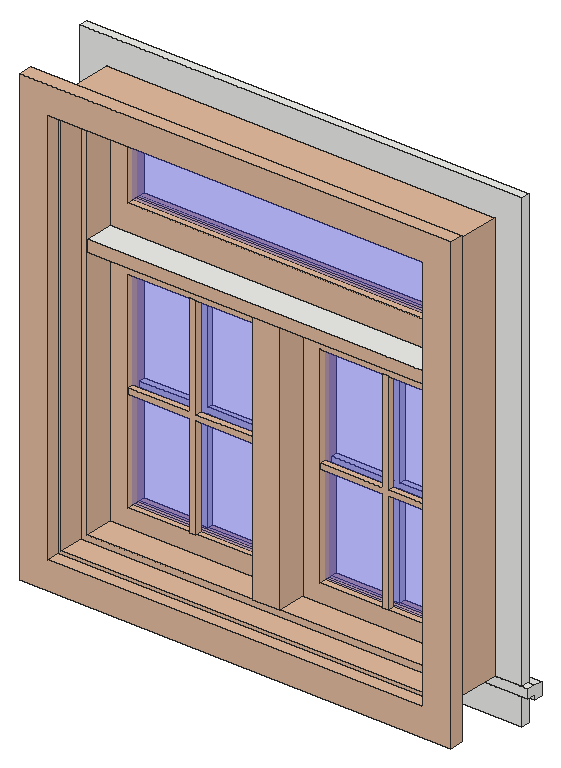
Revit family "M_Janela-batente-dupla-travessa", category Janelas, Revit 2019
Family settings
  Hospedeiro = Parede
  Número OmniClass = 23.30.20.17.21.14
  Título OmniClass = Casement Windows
  Sempre na vertical = Sim
  Corte com vazios quando carregada = Não
  Compartilhado = Não
  Ponto de cálculo do ambiente = Não
Parameters (values of type "850 x 900mm")
  Janela aplicada [instance] = 0 mm
  Espessura da parede [instance] = 150 mm
  Fechamento da parede interior [instance] = 54.75 mm
  Material da apara interior = Madeira – Manchada
  Meia largura = Largura / 2  # 425 mm
  Visual Light Transmittance = 0.81
  Altura da travessa = 300 mm
  Resistência térmica (R) = 0.319569 (m²·K)/W
  Solar Heat Gain Coefficient = 0.76
  Largura bruta = Largura + 15 mm  # 865 mm
  Altura bruta = Altura + 15 mm  # 915 mm
  Altura da janela aberta = Altura - Altura da travessa  # 600 mm
  Visibilidade do montante = yes
  Padrão do montante = M_Padrão do montante_2x2 : M_Padrão do montante_2x2
  Visibilidade do recorte interior [instance] = yes
  Recorte interior = M_Moldura-janela-interior-plana : Quadro
  Altura = 900 mm
  Material da moldura interior = Madeira – Manchada
  Coeficiente de transferência de calor (U) = 3.12929 W/(m²·K)
  Material do painel de vidro = Vidro
  Extensão do quadro [instance] = if(Visibilidade da apara externa, Janela aplicada + 6.35 mm, 6.35 mm)  # 6.35 mm
  Classificação de incêndio = "0.5h"
  Fechamento da parede externa [instance] = 31.75 mm
  Visibilidade da apara externa [instance] = yes
  Material da apara externa = Revestimento – Branco
  Apara externa = M_Recorte-Janela-Exterior-Plana : com peitoril
  Material da moldura exterior = Revestimento – Branco
  Visibilidade do umbral da extensão [instance] = and(Visibilidade do recorte interior, Espessura da parede - Janela aplicada > 95.25 mm)  # yes
  Umbral da extensão [instance] = if(Espessura da parede - Janela aplicada > 95.25 mm, Espessura da parede - Janela aplicada - 95.25 mm, 25.4 mm)  # 54.75 mm
  Altura-padrão do peitoril = 900 mm
  Fechamento da parede = Por hospedeiro
  Largura = 850 mm
  Código de montagem = "B2020100"
  Construção analítica = "Vidraça dupla – residencial"
Reference planes
  plane 1 "Centro (Frente/Trás)": y = 0
  plane 2: z = 0
  plane 3 "Centro (Esquerda/Direita)": x = 0
  plane 4 "Esquerda": x = -425
  plane 5 "Direita": x = 425
  plane 6 "Peitoril": z = 900
  plane 7 "Superior": z = 1800
  plane 8 "Inset Face": y = 75
  plane 9 "Fechamento da parede": y = -20.25
  plane 10 "Face do caixilho": y = 87.7
  plane 11 "Exterior": y = 75
  plane 12: x = 412.3
  plane 13: x = -412.3
  plane 14: z = 1787.3
  plane 15: z = 912.7
  plane 16: x = 355.15
  plane 17: x = -355.15
  plane 18: z = 1730.15
  plane 19: z = 969.85
  plane 20: x = 9.525
  plane 21: x = -9.525
  plane 22: y = 55.95
  plane 23 "Vidro": y = 65.475
  plane 24: y = 94.05
  plane 25: y = 94.05
  plane 26 "Interior": y = -75
  plane 27 "Umbral": y = -20.25
  plane 28: x = -30.163
  plane 29: x = 30.162
  plane 30: z = 1487.3
  plane 31: z = 1200
  plane 32: z = 1512.7
  plane 33 "Meio": z = 1350
  plane 34: z = 1430.15
  plane 35: x = 66.675
  plane 36: x = -66.675
  plane 37: y = -20.25
  plane 38: y = 43.25
  plane 39: z = 1500
  plane 40: y = 94.05
  plane 41: z = 1569.85
Forms (mm)
  Sweep 1, solid, material "Madeira – Manchada" <- "Material da moldura interior"
    path origin (0, 87.7, 0) x (-1, 0, 0) y (0, 0, 1)
      loop
        line (-425, 900) -> (425, 900) -> (425, 1800) -> (-425, 1800) -> (-425, 900)
    profile origin (425, 87.7, 1350) x (1, 0, 0) y (0, 1, 0)
      loop
        line (0, 6.35) -> (-12.7, 6.35) -> (-12.7, -44.45) -> (-31.75, -44.45) -> (-31.75, -107.95) -> (0, -107.95) -> (0, 6.35)
  Extrusion 2, solid, material "Madeira – Manchada" <- "Material da moldura interior", visible <- "Visibilidade do umbral da extensão"
    sketch origin (0, 0, 0) x (1, 0, 0) y (0, 0, 1)
      loop
        line (425, 1800) -> (-425, 1800) -> (-425, 900) -> (425, 900) -> (425, 1800)
      loop
        line (405.95, 919.05) -> (405.95, 1780.95) -> (-405.95, 1780.95) -> (-405.95, 919.05) -> (405.95, 919.05)
    from 20.25 to 75
  Sweep 3, solid, material "Madeira – Manchada" <- "Material da moldura interior"
    path origin (0, 87.7, 0) x (-1, 0, 0) y (0, 0, 1)
      loop
        line (-412.3, 1487.3) -> (-412.3, 912.7) -> (-9.525, 912.7) -> (-9.525, 1487.3) -> (-412.3, 1487.3)
    profile origin (412.3, 87.7, 1200) x (0, 1, 0) y (-1, 0, 0)
      loop
        line (0, 0) -> (0, 57.15) -> (-44.45, 57.15) -> (-44.45, 0) -> (0, 0)
  Sweep 4, solid, material "Madeira – Manchada" <- "Material da moldura interior"
    path origin (0, 87.7, 0) x (-1, 0, 0) y (0, 0, 1)
      loop
        line (9.525, 912.7) -> (412.3, 912.7) -> (412.3, 1487.3) -> (9.525, 1487.3) -> (9.525, 912.7)
    profile origin (-9.525, 87.7, 1200) x (1, 0, 0) y (0, 1, 0)
      loop
        line (0, 0) -> (-57.15, 0) -> (-57.15, -44.45) -> (0, -44.45) -> (0, 0)
  Extrusion 5, solid, material "Vidro"
    sketch origin (0, 0, 900) x (0, -1, 0) y (1, 0, 0)
      loop
        line (-75, 66.675) -> (-68.65, 66.675) -> (-68.65, 355.15) -> (-75, 355.15) -> (-75, 66.675)
      loop
        line (-55.95, 355.15) -> (-62.3, 355.15) -> (-62.3, 66.675) -> (-55.95, 66.675) -> (-55.95, 355.15)
    from 69.85 to 530.15
  Extrusion 6, solid, material "Vidro"
    sketch origin (-701.675, 0, 900) x (0, -1, 0) y (1, 0, 0)
      loop
        line (-75, 346.525) -> (-68.65, 346.525) -> (-68.65, 635) -> (-75, 635) -> (-75, 346.525)
      loop
        line (-55.95, 635) -> (-62.3, 635) -> (-62.3, 346.525) -> (-55.95, 346.525) -> (-55.95, 635)
    from 69.85 to 530.15
  Extrusion 7, solid, material "Madeira – Manchada" <- "Material da moldura interior"
    sketch origin (0, 0, 900) x (0, -1, 0) y (1, 0, 0)
      loop
        line (-94.05, -9.525) -> (-43.25, -9.525) -> (-43.25, -30.163) -> (20.25, -30.163) -> (20.25, 30.162) -> (-43.25, 30.162) -> (-43.25, 9.525) -> (-94.05, 9.525) -> (-94.05, -9.525)
    from 12.7 to 587.3
  Extrusion 8, void
    sketch origin (0, 0, 0) x (1, 0, 0) y (0, 0, 1)
      loop
        line (30.162, 931.75) -> (-30.163, 931.75) -> (-30.163, 912.7) -> (30.162, 912.7) -> (30.162, 931.75)
      loop
        line (30.162, 1768.25) -> (30.162, 1787.3) -> (-30.163, 1787.3) -> (-30.163, 1768.25) -> (30.162, 1768.25)
    from -43.25 to 20.25
  Extrusion 9, solid, material "Vidro" <- "Material do painel de vidro"
    sketch origin (0, 0, 900) x (0, -1, 0) y (1, 0, 0)
      loop
        line (-75, -355.15) -> (-68.65, -355.15) -> (-68.65, 355.15) -> (-75, 355.15) -> (-75, -355.15)
      loop
        line (-55.95, 355.15) -> (-62.3, 355.15) -> (-62.3, -355.15) -> (-55.95, -355.15) -> (-55.95, 355.15)
    from 669.85 to 830.15
  Extrusion 10, solid, material "Revestimento – Branco" <- "Material da moldura exterior"
    sketch origin (0, 0, 900) x (0, -1, 0) y (1, 0, 0)
      loop
        line (-94.05, -412.3) -> (-43.25, -412.3) -> (-43.25, -393.25) -> (20.25, -393.25) -> (20.25, 393.25) -> (-43.25, 393.25) -> (-43.25, 412.3) -> (-94.05, 412.3) -> (-94.05, -412.3)
    from 587.3 to 612.7
  Sweep 11, solid, material "Madeira – Manchada" <- "Material da moldura interior"
    path origin (-771.674, 87.7, 1219.2) x (-1, 0, 0) y (0, 0, 1)
      loop
        line (-1183.974, 293.5) -> (-359.374, 293.5) -> (-359.374, 568.1) -> (-1183.974, 568.1) -> (-1183.974, 293.5)
    profile origin (412.3, 87.7, 1650) x (1, 0, 0) y (0, 1, 0)
      loop
        line (0, 0) -> (-57.15, 0) -> (-57.15, -44.45) -> (0, -44.45) -> (0, 0)
Cuts and joins
  Extrusion 8 cuts Extrusion 7
Lines and regions (mm)
  Opening 1
    outline origin (-1524, -75, 0) x (1, 0, 0) y (0, 0, 1)
      loop
        line (1099, 1800) -> (1099, 900) -> (1949, 900) -> (1949, 1800) -> (1099, 1800)
  Split face 1
    outline origin (355.15, 87.7, 969.85) x (-1, 0, 0) y (0, -1, 0)
      loop
        line (288.475, 12.7) -> (0, 12.7)
  Split face 2
    outline origin (355.15, 87.7, 1430.15) x (0, 0, -1) y (0, -1, 0)
      loop
        line (0, 12.7) -> (460.3, 12.7)
  Split face 3
    outline origin (66.675, 87.7, 969.85) x (0, 0, 1) y (0, -1, 0)
      loop
        line (460.3, 12.7) -> (0, 12.7)
  Split face 4
    outline origin (66.675, 87.7, 1430.15) x (0, -1, 0) y (1, 0, 0)
      loop
        line (12.7, 0) -> (12.7, 288.475)
  Split face 5
    outline origin (-355.15, 43.25, 969.85) x (1, 0, 0) y (0, 1, 0)
      loop
        line (0, 31.75) -> (288.475, 31.75)
  Split face 6
    outline origin (-66.675, 43.25, 969.85) x (0, 0, 1) y (0, 1, 0)
      loop
        line (460.3, 31.75) -> (0, 31.75)
  Split face 7
    outline origin (-355.15, 43.25, 1430.15) x (0, 0, -1) y (0, 1, 0)
      loop
        line (460.3, 31.75) -> (0, 31.75)
  Split face 8
    outline origin (-66.675, 43.25, 1430.15) x (0, 1, 0) y (-1, 0, 0)
      loop
        line (31.75, 288.475) -> (31.75, 0)
  Split face 9
    outline origin (0, 0, 1512.7) x (0, -1, 0) y (1, 0, 0)
      loop
        line (-55.95, 412.3) -> (-55.95, -412.3)
  Split face 10
    outline origin (0, 0, 1487.3) x (0, -1, 0) y (1, 0, 0)
      loop
        line (-87.7, -412.3) -> (-87.7, 412.3)
  Split face 11
    outline origin (-355.15, 43.25, 1730.15) x (0, 0, -1) y (0, 1, 0)
      loop
        line (160.3, 31.75) -> (0, 31.75)
  Split face 12
    outline origin (355.15, 43.25, 1730.15) x (0, 1, 0) y (-1, 0, 0)
      loop
        line (31.75, 0) -> (31.75, 710.3)
  Split face 13
    outline origin (355.15, 43.25, 1569.85) x (0, 0, 1) y (0, 1, 0)
      loop
        line (160.3, 31.75) -> (0, 31.75)
  Split face 14
    outline origin (-355.15, 43.25, 1569.85) x (1, 0, 0) y (0, 1, 0)
      loop
        line (0, 31.75) -> (710.3, 31.75)
  symbolic lines, style "Giro da elevação"
    curve 1: line (9.525, 0, 1487.3) -> (412.3, 0, 1193.65)
    curve 2: line (412.3, 0, 1193.65) -> (9.525, 0, 912.7)
    curve 3: line (-9.525, 0, 1487.3) -> (-412.3, 0, 1193.65)
    curve 4: line (-412.3, 0, 1193.65) -> (-9.525, 0, 912.7)
Text (mm)
  text "EXTERIOR" at (-1490.695, 1293.036, 0), in view "Nível de referência"
  text "INTERIOR" at (-1490.695, -959.266, 0), in view "Nível de referência"
  text "Exterior" at (0, 1108.87, 3129.179), in view "Esquerda"
  text "Exterior" at (0, 464.664, 3176.206), in view "Direita"
Dimensions and locks
  equal spacing: plane 4 "Esquerda", plane 3 "Centro (Esquerda/Direita)", plane 5 "Direita"
  "Largura": plane 4 "Esquerda" to plane 5 "Direita"
  "Altura": plane 6 "Peitoril" to plane 7 "Superior"
  "Altura-padrão do peitoril": plane 2 to plane 6 "Peitoril"
  locked: plane 10 "Face do caixilho" to plane 8 "Inset Face" at 12.7
  "Espessura da parede": host wall to host wall
  "Janela aplicada": plane 11 "Exterior" to plane 8 "Inset Face"
  locked: Sweep 1 sketch curve to plane 5 "Direita" at 31.75
  locked: Sweep 1 sketch curve to plane 5 "Direita" at 12.7
  locked: plane 10 "Face do caixilho" to Sweep 1 sketch curve at 44.45
  locked: plane 12 to plane 5 "Direita" at 12.7
  locked: plane 4 "Esquerda" to plane 13 at 12.7
  locked: plane 14 to plane 7 "Superior" at 12.7
  locked: plane 6 "Peitoril" to plane 15 at 12.7
  locked: plane 16 to plane 12 at 57.15
  locked: plane 13 to plane 17 at 57.15
  locked: plane 18 to plane 14 at 57.15
  locked: plane 15 to plane 19 at 57.15
  locked: Extrusion 2 sketch curve to plane 7 "Superior" at 19.05
  locked: Extrusion 2 sketch curve to plane 5 "Direita" at 19.05
  locked: Extrusion 2 sketch curve to plane 4 "Esquerda" at 19.05
  locked: plane 6 "Peitoril" to Extrusion 2 sketch curve at 19.05
  equal spacing: plane 21, plane 3 "Centro (Esquerda/Direita)", plane 20
  locked: plane 21 to plane 20 at 19.05
  plane 22 to Sweep 3 = 12.7 mm
  equal spacing: plane 8 "Inset Face", plane 23 "Vidro", plane 22
  locked: plane 8 "Inset Face" to plane 22 at 19.05
  locked: plane 24 to plane 11 "Exterior" at 19.05
  locked: plane 25 to plane 10 "Face do caixilho" at 6.35
  "Umbral da extensão": plane 27 "Umbral" to plane 26 "Interior"
  locked: plane 8 "Inset Face" to plane 9 "Fechamento da parede" at 95.25
  equal spacing: plane 28, plane 3 "Centro (Esquerda/Direita)", plane 29
  locked: plane 28 to plane 29 at 60.325
  Extrusion 2 to Extrusion 8 = 887.3 mm
  plane 30 to plane 32 = 25.4 mm
  equal spacing: plane 6 "Peitoril", plane 33 "Meio", plane 7 "Superior"
  equal spacing: plane 19, plane 31, plane 34
  locked: plane 34 to plane 30 at 57.15
  locked: plane 29 to plane 35 at 36.512
  locked: plane 28 to plane 36 at 36.513
  "Fechamento da parede interior": plane 37 to plane 26 "Interior"
  "Fechamento da parede externa": plane 11 "Exterior" to plane 38
  equal spacing: plane 30, plane 39, plane 32
  "Altura da travessa": plane 39 to plane 7 "Superior"
  "Extensão do quadro": plane 40 to plane 10 "Face do caixilho"
  locked: plane 10 "Face do caixilho" to Sweep 11 sketch curve at 44.45
  locked: plane 32 to plane 41 at 57.15
  aligned and locked: plane 7 "Superior" to Opening 1 sketch curve
  aligned and locked: plane 6 "Peitoril" to Opening 1 sketch curve  (x2)
  aligned and locked: plane 5 "Direita" to Opening 1 sketch curve
  aligned and locked: plane 4 "Esquerda" to Opening 1 sketch curve
  aligned and locked: level to plane 2
  aligned and locked: host wall to plane 11 "Exterior"
  aligned and locked: plane 5 "Direita" to Sweep 1 sketch curve
  aligned and locked: plane 7 "Superior" to Sweep 1 sketch curve
  aligned and locked: Sweep 1 sketch curve to plane 4 "Esquerda"
  aligned and locked: Sweep 1 sketch curve to plane 6 "Peitoril"
  aligned and locked: Extrusion 2 sketch curve to host wall  (x3)
  aligned and locked: plane 7 "Superior" to Extrusion 2 sketch curve
  aligned and locked: host wall to Extrusion 2
  aligned and locked: Sweep 3 sketch curve to plane 12  (x2)
  aligned and locked: Sweep 3 sketch curve to plane 15
  aligned and locked: plane 16 to Sweep 3 sketch curve
  aligned and locked: plane 20 to Sweep 3 sketch curve
  aligned and locked: plane 21 to Sweep 4 sketch curve
  aligned and locked: plane 15 to Sweep 4 sketch curve
  aligned and locked: Sweep 4 sketch curve to plane 13
  aligned and locked: Split face 1 sketch curve to plane 8 "Inset Face"
  aligned and locked: plane 8 "Inset Face" to Split face 2 sketch curve
  aligned and locked: plane 8 "Inset Face" to Split face 3 sketch curve
  aligned and locked: Split face 4 sketch curve to plane 8 "Inset Face"
  aligned and locked: Extrusion 5 sketch curve to plane 8 "Inset Face"
  aligned and locked: plane 16 to Extrusion 5 sketch curve
  aligned and locked: Sweep 3 to Extrusion 5 sketch curve
  aligned and locked: Extrusion 5 sketch curve to plane 22
  aligned and locked: Extrusion 5 sketch curve to plane 16
  aligned and locked: Extrusion 5 sketch curve to Sweep 3
  aligned and locked: Extrusion 5 to plane 19
  aligned and locked: Extrusion 6 sketch curve to plane 8 "Inset Face"
  aligned and locked: plane 22 to Extrusion 6 sketch curve
  aligned and locked: Sweep 4 to Extrusion 6 sketch curve  (x2)
  aligned and locked: Extrusion 6 sketch curve to plane 17  (x2)
  aligned and locked: plane 19 to nested 1
  aligned and locked: nested 2 to plane 19
  aligned and locked: plane 15 to curve 2
  aligned and locked: plane 15 to curve 4
  aligned and locked: Split face 5 sketch curve to Extrusion 6
  aligned and locked: plane 8 "Inset Face" to Split face 6 sketch curve
  aligned and locked: Split face 7 sketch curve to plane 8 "Inset Face"
  aligned and locked: Split face 8 sketch curve to plane 8 "Inset Face"
  aligned and locked: plane 26 "Interior" to host wall
  aligned and locked: plane 27 "Umbral" to Extrusion 2
  aligned and locked: plane 9 "Fechamento da parede" to Sweep 1
  aligned and locked: Extrusion 7 sketch curve to plane 25
  aligned and locked: Extrusion 7 to Sweep 1
  aligned and locked: Sweep 1 to Extrusion 8 sketch curve
  aligned and locked: plane 29 to Extrusion 8 sketch curve
  aligned and locked: Extrusion 8 sketch curve to Extrusion 7
  aligned and locked: Extrusion 7 to Extrusion 8 sketch curve
  aligned and locked: Extrusion 8 to Sweep 1
  aligned and locked: Sweep 1 to Extrusion 8
  aligned and locked: plane 9 "Fechamento da parede" to Extrusion 7 sketch curve
  aligned and locked: nested 3 to plane 5 "Direita"
  aligned and locked: nested 3 to plane 11 "Exterior"
  aligned and locked: plane 30 to Sweep 3 sketch curve
  aligned and locked: Sweep 4 sketch curve to plane 30
  aligned and locked: Extrusion 5 to Sweep 3
  aligned and locked: Extrusion 6 to Sweep 3
  aligned and locked: plane 30 to cut or joined group of Extrusion 7, Extrusion 8
  aligned and locked: curve 1 to Sweep 3
  aligned and locked: curve 3 to Sweep 4
  aligned and locked: plane 12 to curve 2
  aligned and locked: plane 13 to curve 4
  aligned and locked: plane 34 to Sweep 3
  aligned and locked: plane 34 to Sweep 4
  aligned and locked: Extrusion 5 to plane 34
  aligned and locked: Extrusion 6 to plane 34
  aligned and locked: plane 13 to Extrusion 10 sketch curve
  aligned and locked: plane 12 to Extrusion 10 sketch curve
  aligned and locked: plane 32 to Extrusion 10
  aligned and locked: Extrusion 10 to Sweep 3
  aligned and locked: Extrusion 10 sketch curve to nested 3
  aligned and locked: plane 22 to Split face 9 sketch curve
  aligned and locked: plane 12 to Split face 9 sketch curve
  aligned and locked: plane 13 to Split face 9 sketch curve
  aligned and locked: Split face 10 sketch curve to plane 10 "Face do caixilho"
  aligned and locked: plane 12 to Split face 10 sketch curve
  aligned and locked: plane 13 to Split face 10 sketch curve
  aligned and locked: profile plane to Sweep 3 sketch curve
  aligned and locked: Sweep 4 sketch curve to plane 21
  aligned and locked: plane 10 "Face do caixilho" to Sweep 4 sketch curve
  aligned and locked: profile plane to plane 21
  aligned and locked: Extrusion 9 sketch curve to plane 8 "Inset Face"
  aligned and locked: Extrusion 10 sketch curve to plane 25
  aligned and locked: nested 4 to plane 4 "Esquerda"
  aligned and locked: nested 4 to plane 11 "Exterior"
  aligned and locked: plane 6 "Peitoril" to nested 3
  aligned and locked: plane 3 "Centro (Esquerda/Direita)" to nested 5
  aligned and locked: nested 5 to plane 11 "Exterior"
  aligned and locked: nested 5 to plane 7 "Superior"
  aligned and locked: plane 6 "Peitoril" to nested 4
  aligned and locked: nested 1 to plane 23 "Vidro"
  aligned and locked: plane 23 "Vidro" to nested 2
  aligned and locked: nested 2 to plane 16
  aligned and locked: nested 1 to plane 17
  aligned and locked: nested 2 to plane 35
  aligned and locked: nested 1 to plane 36
  aligned and locked: plane 7 "Superior" to nested 6
  aligned and locked: nested 6 to plane 3 "Centro (Esquerda/Direita)"
  aligned and locked: plane 7 "Superior" to nested 7
  aligned and locked: plane 3 "Centro (Esquerda/Direita)" to nested 7
  aligned and locked: plane 34 to nested 2
  aligned and locked: nested 1 to plane 34
  aligned and locked: plane 40 to Sweep 1 sketch curve
  aligned and locked: Sweep 11 sketch curve to plane 14
  aligned and locked: plane 12 to Sweep 11 sketch curve
  aligned and locked: plane 32 to Sweep 11 sketch curve
  aligned and locked: plane 10 "Face do caixilho" to Sweep 11 sketch curve
  aligned and locked: plane 16 to Sweep 11 sketch curve
  aligned and locked: Sweep 11 sketch curve to plane 12
  aligned and locked: plane 16 to Extrusion 9 sketch curve  (x2)
  aligned and locked: Sweep 11 sketch curve to plane 13
  aligned and locked: Extrusion 9 sketch curve to plane 17  (x2)
  aligned and locked: plane 18 to Extrusion 9
  aligned and locked: Extrusion 9 to plane 41
  aligned and locked: plane 8 "Inset Face" to Split face 11 sketch curve
  aligned and locked: plane 8 "Inset Face" to Split face 12 sketch curve
  aligned and locked: Split face 13 sketch curve to plane 8 "Inset Face"
  aligned and locked: Split face 14 sketch curve to plane 8 "Inset Face"
Automatic sketch dimensions
  Sweep 1 sketch curve to profile plane = 0 mm
  Sweep 1 sketch curve to Sweep 1 sketch curve = 63.5 mm
  Sweep 3 sketch curve to plane 10 "Face do caixilho" = 44.45 mm
  profile plane to Sweep 4 sketch curve = 57.15 mm
  Sweep 4 sketch curve to plane 10 "Face do caixilho" = 44.45 mm
  Split face 1 sketch curve to Sweep 3 = 0 mm  (x2)
  Sweep 3 to Split face 2 sketch curve = 0 mm
  Split face 2 sketch curve to Sweep 3 = 0 mm
  Split face 3 sketch curve to Sweep 3 = 0 mm
  Sweep 3 to Split face 3 sketch curve = 0 mm
  Split face 4 sketch curve to Sweep 3 = 0 mm  (x2)
  plane 23 "Vidro" to Extrusion 5 sketch curve = 3.175 mm
  Extrusion 5 sketch curve to plane 23 "Vidro" = 3.175 mm
  plane 23 "Vidro" to Extrusion 6 sketch curve = 3.175 mm
  Extrusion 6 sketch curve to plane 23 "Vidro" = 3.175 mm
  plane 21 to curve 4 = 0 mm
  plane 20 to curve 2 = 0 mm
  curve 3 to plane 30 = 0 mm
  curve 1 to plane 30 = 0 mm
  curve 2 to plane 31 = 6.35 mm
  curve 4 to plane 31 = 6.35 mm
  Split face 5 sketch curve to Sweep 4 = 0 mm  (x2)
  Split face 6 sketch curve to Sweep 4 = 0 mm
  Sweep 4 to Split face 6 sketch curve = 0 mm
  Sweep 4 to Split face 7 sketch curve = 0 mm
  Split face 7 sketch curve to Sweep 4 = 0 mm
  Split face 8 sketch curve to Sweep 4 = 0 mm  (x2)
  Extrusion 7 sketch curve to plane 28 = 0 mm
  Extrusion 7 sketch curve to plane 21 = 0 mm
  Extrusion 7 sketch curve to plane 20 = 0 mm
  Extrusion 7 sketch curve to plane 29 = 0 mm
  Extrusion 7 sketch curve to plane 22 = 12.7 mm  (x2)
  Extrusion 8 sketch curve to plane 14 = 0 mm
  Extrusion 8 sketch curve to plane 28 = 0 mm
  Extrusion 8 sketch curve to plane 29 = 0 mm
  Extrusion 8 sketch curve to Extrusion 8 sketch curve = 19.05 mm
  Extrusion 9 sketch curve to plane 22 = 0 mm
  plane 23 "Vidro" to Extrusion 9 sketch curve = 3.175 mm
  Extrusion 9 sketch curve to plane 23 "Vidro" = 3.175 mm
  Extrusion 10 sketch curve to plane 9 "Fechamento da parede" = 0 mm
  Extrusion 10 sketch curve to plane 22 = 12.7 mm  (x2)
  Extrusion 10 sketch curve to Extrusion 10 sketch curve = 19.05 mm
  Sweep 11 to Split face 11 sketch curve = 0 mm
  Split face 11 sketch curve to Sweep 11 = 0 mm
  Split face 12 sketch curve to Sweep 11 = 0 mm  (x2)
  Split face 13 sketch curve to Sweep 11 = 0 mm
  Sweep 11 to Split face 13 sketch curve = 0 mm
  Split face 14 sketch curve to Sweep 11 = 0 mm  (x2)
Nested families
  nested 1: "M_Padrão do montante_2x2" at (-210.913, 65.475, 969.85), type <- "Padrão do montante", Material externo <- "Material da moldura exterior", Material interior <- "Material da moldura interior", visible <- "Visibilidade do montante", type "M_Padrão do montante_2x2"
    with Largura 288.475 mm, Material interior Madeira – Manchada, Altura 460.3 mm, Material externo Revestimento – Branco
  nested 2: "M_Padrão do montante_2x2" at (210.912, 65.475, 969.85) x (-1, 0, 0) z (0, 0, 1), type <- "Padrão do montante", Material externo <- "Material da moldura exterior", Material interior <- "Material da moldura interior", visible <- "Visibilidade do montante", type "M_Padrão do montante_2x2"
    with Largura 288.475 mm, Material interior Madeira – Manchada, Altura 460.3 mm, Material externo Revestimento – Branco
  nested 3: "M_Plano-Batente" at (212.5, 75, 900), Largura <- "Meia largura", Espessura da parede <- "Espessura da parede", Altura <- "Altura da janela aberta", Janela aplicada <- "Janela aplicada", type "M_Plano-Batente"
    with Janela aplicada de 3D 0 mm, Janela aplicada 0 mm, Largura 425 mm, Espessura da parede 150 mm, Linha superior no, Linha à direita yes, RH yes, Linha à esquerda no, LH no, Altura 600 mm, Linha inferior yes
  nested 4: "M_Plano-Batente" at (-212.5, 75, 900), Janela aplicada <- "Janela aplicada", Largura <- "Meia largura", Altura <- "Altura da janela aberta", Espessura da parede <- "Espessura da parede", type "M_Plano-Batente"
    with Janela aplicada de 3D 0 mm, Janela aplicada 0 mm, Largura 425 mm, Espessura da parede 150 mm, Linha superior no, Linha à direita no, RH no, Linha à esquerda yes, LH yes, Altura 600 mm, Linha inferior yes
  nested 5: "M_Plana-fixa_simples" at (0, 75, 1500), Janela aplicada <- "Janela aplicada", Largura <- "Largura", Altura <- "Altura da travessa", Espessura da parede <- "Espessura da parede", type "M_Plana-fixa_simples"
    with Janela aplicada de 3D 0 mm, Janela aplicada 0 mm, Largura 850 mm, Espessura da parede 150 mm, Linha superior yes, Linha à direita yes, Linha à esquerda yes, Altura 300 mm, Linha inferior no
  nested 6: "M_Recorte-Janela-Exterior-Plana" at (0, 75, 1800) x (-1, 0, 0) z (0, 1, 0), visible <- "Visibilidade da apara externa", Material da apara <- "Material da apara externa", Largura da abertura <- "Largura", Altura da abertura <- "Altura", type <- "Apara externa", type "com peitoril"
    with Material da apara Revestimento – Branco, Largura da abertura 850 mm, Altura da abertura 900 mm
  nested 7: "M_Moldura-janela-interior-plana" at (0, -75, 1800) x (1, 0, 0) z (0, -1, 0), visible <- "Visibilidade do recorte interior", Material da apara <- "Material da apara interior", Largura da abertura <- "Largura", Altura da abertura <- "Altura", type <- "Recorte interior", type "Quadro"
    with Material da apara Madeira – Manchada, Largura da abertura 850 mm, Altura da abertura 900 mm
Definition of nested family "M_Padrão do montante_2x2"
  Parameters (values of type "M_Padrão do montante_2x2")
    Largura [instance] = 1200 mm
    Espessura = 12.7 mm
    Altura [instance] = 1200 mm
    Material interior [instance] = none
    Material externo [instance] = none
    Distância = 19.05 mm
  Reference planes
    plane 1 "Centro (Frente/Trás)": y = 0
    plane 2: z = 0
    plane 3 "Centro (Esquerda/Direita)": x = 0
    plane 4: z = 1200
    plane 5: x = -600
    plane 6: x = 600
    plane 7: z = 600
    plane 8: y = 9.525
    plane 9: y = 22.225
    plane 10: y = -9.525
    plane 11: y = -22.225
  Forms (mm)
    Extrusion 1, solid, material <- "Material interior", detail levels fine
      sketch origin (0, 0, 0) x (1, 0, 0) y (0, 0, 1)
        loop
          line (-600, 606.35) -> (-600, 593.65) -> (-6.35, 593.65) -> (-6.35, 0) -> (6.35, 0) -> (6.35, 593.65) -> (600, 593.65) -> (600, 606.35) -> (6.35, 606.35) -> (6.35, 1200) -> (-6.35, 1200) -> (-6.35, 606.35) -> (-600, 606.35)
      from 9.525 to 22.225
    Extrusion 2, solid, material <- "Material externo", detail levels fine
      sketch origin (0, 0, 0) x (1, 0, 0) y (0, 0, -1)
        loop
          line (-600, -606.35) -> (-6.35, -606.35) -> (-6.35, -1200) -> (6.35, -1200) -> (6.35, -606.35) -> (600, -606.35) -> (600, -593.65) -> (6.35, -593.65) -> (6.35, 0) -> (-6.35, 0) -> (-6.35, -593.65) -> (-600, -593.65) -> (-600, -606.35)
      from 9.525 to 22.225
  Lines and regions (mm)
    model lines, detail levels medium
      curve 1: line (0, 9.525, 1200) -> (0, 9.525, 0)
      curve 2: line (-600, -9.525, 600) -> (600, -9.525, 600)
      curve 3: line (-600, 9.525, 600) -> (600, 9.525, 600)
      curve 4: line (0, -9.525, 1200) -> (0, -9.525, 0)
  Dimensions and locks
    equal spacing: plane 6, plane 3 "Centro (Esquerda/Direita)", plane 5
    "Largura": plane 6 to plane 5
    "Altura": plane 4 to plane 2
    equal spacing: plane 4, plane 7, plane 2
    locked: plane 3 "Centro (Esquerda/Direita)" to Extrusion 1 sketch curve at 6.35  (x4)
    locked: Extrusion 1 sketch curve to plane 7 at 6.35  (x2)
    locked: plane 7 to Extrusion 1 sketch curve at 6.35  (x2)
    "Espessura": plane 9 to plane 8
    "Espessura": plane 10 to plane 11
    "Distância": plane 8 to plane 10
    equal spacing: plane 8, plane 1 "Centro (Frente/Trás)", plane 10
    aligned and locked: plane 2 to level
    aligned and locked: plane 4 to curve 1
    aligned and locked: plane 5 to curve 2
    aligned and locked: plane 2 to curve 1
    aligned and locked: plane 6 to curve 2
    aligned and locked: Extrusion 1 sketch curve to plane 4
    aligned and locked: Extrusion 1 sketch curve to plane 6
    aligned and locked: Extrusion 1 sketch curve to plane 5
    aligned and locked: Extrusion 1 sketch curve to level
    aligned and locked: Extrusion 1 to plane 11
    aligned and locked: plane 10 to Extrusion 1
    aligned and locked: Extrusion 2 to plane 5
    aligned and locked: plane 6 to Extrusion 2
    aligned and locked: Extrusion 2 to plane 8
    aligned and locked: plane 9 to Extrusion 2
    aligned and locked: Extrusion 2 to plane 2
    aligned and locked: plane 4 to Extrusion 2
    aligned and locked: plane 5 to curve 3
    aligned and locked: plane 6 to curve 3
    aligned and locked: plane 4 to curve 4
    aligned and locked: plane 2 to curve 4
    aligned and locked: plane 8 to curve 3
  Automatic sketch dimensions
    curve 2 to plane 7 = 0 mm
    Extrusion 2 sketch curve to plane 5 = 0 mm
    Extrusion 2 sketch curve to level = 0 mm
    Extrusion 2 sketch curve to plane 4 = 0 mm
    Extrusion 2 sketch curve to plane 6 = 0 mm
    Extrusion 2 sketch curve to plane 3 "Centro (Esquerda/Direita)" = 6.35 mm  (x2)
    plane 3 "Centro (Esquerda/Direita)" to Extrusion 2 sketch curve = 6.35 mm  (x2)
    plane 7 to Extrusion 2 sketch curve = 6.35 mm  (x2)
    Extrusion 2 sketch curve to plane 7 = 6.35 mm  (x2)
    curve 4 to plane 3 "Centro (Esquerda/Direita)" = 0 mm
    curve 4 to level = 0 mm
    curve 4 to plane 4 = 0 mm
    curve 3 to plane 6 = 0 mm
    curve 1 to plane 3 "Centro (Esquerda/Direita)" = 0 mm
    curve 3 to plane 5 = 0 mm
    curve 3 to plane 7 = 0 mm
Definition of nested family "M_Recorte-Janela-Exterior-Plana"
  Parameters (values of type "com peitoril")
    Largura da apara = 60 mm
    Espessura da apara_Quadro = 30 mm
    Espessura da apara_com peitoril = 19.05 mm
    Material da apara [instance] = none
    Espessura do peitoril = 30 mm
    Peitoril = yes
    Quadro = no
    Largura da abertura [instance] = 600 mm
    Altura da abertura [instance] = 900 mm
    Default Elevation = 1200 mm
  Types (2, lengths in mm): name | Peitoril | Quadro
    com peitoril | yes | no
    Quadro | no | yes
  Reference planes
    plane 1 "Centro (Frente/Trás)": y = 0
    plane 2: z = 0
    plane 3 "Centro (Esquerda/Direita)": x = 0
    plane 4: y = 60
    plane 5 "Esquerda": x = -300
    plane 6 "Direita": x = 300
    plane 7 "Inferior": y = -900
    plane 8: y = -930
    plane 9: y = -980.432
    plane 10: x = 360
    plane 11: x = -360
    plane 12: z = 19.05
    plane 13: z = 30
    plane 14: x = 372.7
    plane 15: x = -372.7
    plane 16: y = -920.432
    plane 17: y = -960
    plane 18: z = 12.7
    plane 19: y = -450
    plane 20: z = 38.1
  Forms (mm)
    Extrusion 1, solid
      sketch origin (0, 0, 0) x (1, 0, 0) y (0, 1, 0)
        loop
          line (-361.95, 57.15) -> (-361.95, -993.732) -> (361.95, -993.732) -> (361.95, 57.15) -> (-361.95, 57.15)
      from 0 to -304.8
    Extrusion 2, solid, material <- "Material da apara", visible <- "Peitoril"
      sketch origin (0, 0, 0) x (1, 0, 0) y (0, 1, 0)
        loop
          line (-360, -900) -> (-300, -900) -> (-300, 0) -> (300, 0) -> (300, -900) -> (360, -900) -> (360, 60) -> (-360, 60) -> (-360, -900)
      from 0 to 19.05
    Extrusion 3, solid, material <- "Material da apara", visible <- "Peitoril"
      sketch origin (0, 0, 0) x (0, 1, 0) y (0, 0, 1)
        loop
          line (-902.458, 38.1) -> (-930, 38.1) -> (-930, 19.05) -> (-920.432, 19.05) -> (-920.432, 0) -> (-900, 0) -> (-900, 19.05) -> (-902.458, 38.1)
      from -372.7 to 372.7
    Extrusion 4, solid, material <- "Material da apara", visible <- "Peitoril"
      sketch origin (0, 0, 0) x (1, 0, 0) y (0, 1, 0)
        loop
          line (-360, -920.432) -> (-360, -980.432) -> (360, -980.432) -> (360, -920.432) -> (-360, -920.432)
      from 0 to 19.05
    Extrusion 5, solid, material <- "Material da apara", visible <- "Quadro"
      sketch origin (0, 0, 0) x (1, 0, 0) y (0, 1, 0)
        loop
          line (-300, 0) -> (-300, -900) -> (300, -900) -> (300, 0) -> (-300, 0)
        loop
          line (-360, 60) -> (-360, -960) -> (360, -960) -> (360, 60) -> (-360, 60)
      from 0 to 30
  Dimensions and locks
    equal spacing: plane 5 "Esquerda", plane 3 "Centro (Esquerda/Direita)", plane 6 "Direita"
    "Largura da abertura": plane 5 "Esquerda" to plane 6 "Direita"
    "Altura da abertura": plane 7 "Inferior" to plane 1 "Centro (Frente/Trás)"
    "Espessura do peitoril": plane 7 "Inferior" to plane 8
    "Largura da apara": plane 11 to plane 5 "Esquerda"
    "Largura da apara": plane 6 "Direita" to plane 10
    "Largura da apara": plane 1 "Centro (Frente/Trás)" to plane 4
    locked: plane 15 to plane 11 at 12.7
    locked: plane 10 to plane 14 at 12.7
    locked: plane 16 to plane 8 at 9.568
    "Largura da apara": plane 9 to plane 16
    "Largura da apara": plane 17 to plane 7 "Inferior"
    locked: plane 18 to plane 2 at 12.7
    equal spacing: plane 7 "Inferior", plane 19, plane 1 "Centro (Frente/Trás)"
    locked: plane 20 to plane 12 at 19.05
    "Espessura da apara_com peitoril": plane 12 to plane 2
    "Espessura da apara_Quadro": plane 13 to plane 2
    aligned and locked: plane 2 to Extrusion 1
    aligned and locked: level to Extrusion 1
    aligned and locked: Extrusion 2 sketch curve to plane 5 "Esquerda"
    aligned and locked: Extrusion 2 sketch curve to plane 11
    aligned and locked: plane 7 "Inferior" to Extrusion 2 sketch curve  (x2)
    aligned and locked: plane 1 "Centro (Frente/Trás)" to Extrusion 2 sketch curve
    aligned and locked: plane 10 to Extrusion 2 sketch curve
    aligned and locked: Extrusion 2 sketch curve to plane 6 "Direita"
    aligned and locked: plane 12 to Extrusion 2
    aligned and locked: Extrusion 3 sketch curve to level
    aligned and locked: plane 7 "Inferior" to Extrusion 3 sketch curve
    aligned and locked: Extrusion 3 sketch curve to plane 8
    aligned and locked: plane 15 to Extrusion 3
    aligned and locked: Extrusion 3 to plane 14
    aligned and locked: plane 10 to Extrusion 4 sketch curve
    aligned and locked: Extrusion 4 sketch curve to plane 11
    aligned and locked: plane 16 to Extrusion 4 sketch curve
    aligned and locked: plane 9 to Extrusion 4 sketch curve
    aligned and locked: Extrusion 4 to Extrusion 2
    aligned and locked: Extrusion 2 sketch curve to plane 4
    aligned and locked: plane 1 "Centro (Frente/Trás)" to Extrusion 5 sketch curve
    aligned and locked: Extrusion 5 sketch curve to plane 4
    aligned and locked: Extrusion 5 sketch curve to plane 17
    aligned and locked: plane 7 "Inferior" to Extrusion 5 sketch curve
    aligned and locked: Extrusion 5 sketch curve to plane 6 "Direita"
    aligned and locked: plane 10 to Extrusion 5 sketch curve
    aligned and locked: Extrusion 5 sketch curve to plane 5 "Esquerda"
    aligned and locked: Extrusion 5 sketch curve to plane 11
    aligned and locked: plane 13 to Extrusion 5
    aligned and locked: plane 20 to Extrusion 3
  Automatic sketch dimensions
    Extrusion 1 sketch curve to Extrusion 1 sketch curve = 723.9 mm
    Extrusion 1 sketch curve to Extrusion 1 sketch curve = 1050.882 mm
    Extrusion 3 sketch curve to plane 16 = 0 mm
    Extrusion 3 sketch curve to plane 12 = 0 mm  (x2)
    Extrusion 3 sketch curve to plane 7 "Inferior" = 2.458 mm
    plane 13 to Extrusion 3 sketch curve = 8.1 mm
Definition of nested family "M_Moldura-janela-interior-plana"
  Parameters (values of type "com peitoril")
    Espessura da apara_Quadro = 30 mm
    Largura da apara = 60 mm
    Espessura da apara_com peitoril = 20 mm
    Material da apara [instance] = none
    Espessura do peitoril = 30 mm
    Peitoril = yes
    Quadro = no
    Largura da abertura [instance] = 600 mm
    Altura da abertura [instance] = 900 mm
    Default Elevation = 1200 mm
  Types (2, lengths in mm): name | Peitoril | Quadro
    com peitoril | yes | no
    Quadro | no | yes
  Reference planes
    plane 1 "Centro (Frente/Trás)": y = 0
    plane 2: z = 0
    plane 3 "Centro (Esquerda/Direita)": x = 0
    plane 4: y = 47.3
    plane 5 "Esquerda": x = -300
    plane 6 "Direita": x = 300
    plane 7 "Inferior": y = -900
    plane 8: y = -930
    plane 9: y = -980.432
    plane 10: x = 347.3
    plane 11: x = -347.3
    plane 12: z = 20
    plane 13: z = 30
    plane 14: x = 360
    plane 15: x = -360
    plane 16: y = -920.432
    plane 17: y = -947.3
    plane 18: z = 12.7
    plane 19: x = -287.3
    plane 20: y = -12.7
    plane 21: x = 287.3
    plane 22: y = -887.3
    plane 23: x = -334.6
    plane 24: x = 334.6
    plane 25: y = -450
  Forms (mm)
    Extrusion 1, solid
      sketch origin (0, 0, 0) x (1, 0, 0) y (0, 1, 0)
        loop
          line (-349.25, 44.45) -> (-349.25, -958.85) -> (349.25, -958.85) -> (349.25, 44.45) -> (-349.25, 44.45)
      from 0 to -304.8
    Extrusion 2, solid, material <- "Material da apara", visible <- "Peitoril"
      sketch origin (0, 0, 0) x (1, 0, 0) y (0, 1, 0)
        loop
          line (-334.6, -900) -> (-287.3, -900) -> (-287.3, 0) -> (287.3, 0) -> (287.3, -900) -> (334.6, -900) -> (334.6, 47.3) -> (-334.6, 47.3) -> (-334.6, -900)
      from 0 to 20
    Extrusion 3, solid, material <- "Material da apara", visible <- "Peitoril"
      sketch origin (0, 0, 0) x (0, 1, 0) y (0, 0, 1)
        loop
          line (-912.7, 39.05) -> (-920.432, 39.05) -> (-920.432, 0) -> (-900, 0) -> (-900, 26.35)
          arc (-900, 26.35) -> (-903.72, 35.33) -> (-912.7, 39.05) r 12.7
      from -347.3 to 347.3
    Extrusion 4, solid, material <- "Material da apara", visible <- "Peitoril"
      sketch origin (0, 0, 0) x (1, 0, 0) y (0, 1, 0)
        loop
          line (-334.6, -920.432) -> (-334.6, -980.432) -> (334.6, -980.432) -> (334.6, -920.432) -> (-334.6, -920.432)
      from 0 to 20
    Extrusion 5, solid, material <- "Material da apara", visible <- "Quadro"
      sketch origin (0, 0, 0) x (1, 0, 0) y (0, 1, 0)
        loop
          line (-287.3, -12.7) -> (-287.3, -887.3) -> (287.3, -887.3) -> (287.3, -12.7) -> (-287.3, -12.7)
        loop
          line (-347.3, 47.3) -> (-347.3, -947.3) -> (347.3, -947.3) -> (347.3, 47.3) -> (-347.3, 47.3)
      from 0 to 30
  Dimensions and locks
    equal spacing: plane 5 "Esquerda", plane 3 "Centro (Esquerda/Direita)", plane 6 "Direita"
    "Largura da abertura": plane 5 "Esquerda" to plane 6 "Direita"
    "Altura da abertura": plane 7 "Inferior" to plane 1 "Centro (Frente/Trás)"
    "Espessura do peitoril": plane 7 "Inferior" to plane 8
    "Largura da apara": plane 11 to plane 19
    "Largura da apara": plane 21 to plane 10
    "Largura da apara": plane 20 to plane 4
    "Espessura da apara_com peitoril": plane 12 to plane 2
    locked: plane 15 to plane 11 at 12.7
    locked: plane 10 to plane 14 at 12.7
    locked: plane 16 to plane 8 at 9.568
    "Largura da apara": plane 9 to plane 16
    "Largura da apara": plane 17 to plane 22
    plane 20 to plane 1 "Centro (Frente/Trás)" = 12.7 mm
    plane 5 "Esquerda" to plane 19 = 12.7 mm
    plane 21 to plane 6 "Direita" = 12.7 mm
    plane 22 to plane 7 "Inferior" = 12.7 mm
    locked: plane 11 to plane 23 at 12.7
    locked: plane 24 to plane 10 at 12.7
    equal spacing: plane 7 "Inferior", plane 25, plane 1 "Centro (Frente/Trás)"
    "Espessura da apara_Quadro": plane 13 to plane 2
    locked: Extrusion 3 to plane 12 at 19.05
    locked: plane 12 to Extrusion 3 sketch curve at 19.05
    radius of Extrusion 3 sketch curve = 12.7 mm
    aligned and locked: plane 2 to Extrusion 1
    aligned and locked: level to Extrusion 1
    aligned and locked: plane 7 "Inferior" to Extrusion 2 sketch curve  (x2)
    aligned and locked: plane 1 "Centro (Frente/Trás)" to Extrusion 2 sketch curve
    aligned and locked: plane 12 to Extrusion 2
    aligned and locked: Extrusion 3 sketch curve to level
    aligned and locked: plane 7 "Inferior" to Extrusion 3 sketch curve
    aligned and locked: plane 16 to Extrusion 4 sketch curve
    aligned and locked: plane 9 to Extrusion 4 sketch curve
    aligned and locked: Extrusion 2 sketch curve to plane 4
    aligned and locked: Extrusion 5 sketch curve to plane 4
    aligned and locked: Extrusion 5 sketch curve to plane 17
    aligned and locked: plane 10 to Extrusion 5 sketch curve
    aligned and locked: Extrusion 5 sketch curve to plane 11
    aligned and locked: plane 13 to Extrusion 5
    aligned and locked: Extrusion 5 sketch curve to plane 20
    aligned and locked: Extrusion 5 sketch curve to plane 19
    aligned and locked: Extrusion 5 sketch curve to plane 21
    aligned and locked: plane 22 to Extrusion 5 sketch curve
    aligned and locked: Extrusion 4 to plane 24
    aligned and locked: plane 11 to Extrusion 3
    aligned and locked: Extrusion 3 to plane 10
    aligned and locked: Extrusion 2 sketch curve to plane 21
    aligned and locked: Extrusion 2 sketch curve to plane 24
    aligned and locked: Extrusion 2 sketch curve to plane 19
    aligned and locked: Extrusion 2 sketch curve to plane 23
    aligned and locked: plane 12 to Extrusion 4
  Automatic sketch dimensions
    Extrusion 1 sketch curve to Extrusion 1 sketch curve = 698.5 mm
    Extrusion 1 sketch curve to Extrusion 1 sketch curve = 1003.3 mm
    Extrusion 3 sketch curve to plane 16 = 0 mm
    Extrusion 4 sketch curve to plane 11 = 12.7 mm
    Extrusion 4 sketch curve to plane 24 = 0 mm
Definition of nested family "M_Plano-Batente"
  Parameters (values of type "M_Plano-Batente")
    Janela aplicada [instance] = 25 mm
    Janela aplicada de 3D [instance] = if(Janela aplicada - 12.7 mm < 0 mm, 0 mm, if(Janela aplicada - 12.7 mm < Espessura da parede - 88.9 mm, Janela aplicada - 12.7 mm, Espessura da parede - 88.9 mm))  # 12.3 mm
    Width [instance] = 1200 mm
    Espessura da parede [instance] = 150 mm
    Linha superior [instance] = yes
    Linha à direita [instance] = yes
    RH [instance] = yes
    Linha à esquerda [instance] = yes
    LH [instance] = yes
    Height [instance] = 900 mm
    Default Elevation = 1200 mm
    Linha inferior [instance] = yes
    Analytic Construction = "<Nenhum>"
  Reference planes
    plane 1 "Centro (Frente/Trás)": y = 0
    plane 2: z = 0
    plane 3 "Centro (Esquerda/Direita)": x = 0
    plane 4: x = -600
    plane 5: x = 600
    plane 6 "Umbral": y = -101.2
    plane 7: x = -587.3
    plane 8: x = -568.25
    plane 9: y = -12.3
    plane 10: y = -56.75
    plane 11: y = -34.525
    plane 12: x = -530.15
    plane 13: x = 587.3
    plane 14: x = 568.25
    plane 15: x = 530.15
    plane 16 "Janela aplicada": y = -25
    plane 17 "Parede": y = -150
    plane 18: z = 900
    plane 19: z = 887.3
    plane 20: z = 12.7
    plane 21: z = 868.25
    plane 22: z = 31.75
    plane 23: z = 830.15
    plane 24: z = 69.85
  Lines and regions (mm)
    Masking region 1
      outline origin (0, 19.05, 0) x (1, 0, 0) y (0, 1, 0)
        loop
          line (-600, -19.05) -> (-600, -169.05) -> (600, -169.05) -> (600, -19.05) -> (-600, -19.05)
    Masking region 2
      outline origin (0, 0, 0) x (0, 1, 0) y (0, 0, 1)
        loop
          line (0, 900) -> (-150, 900) -> (-150, 0) -> (0, 0) -> (0, 900)
    symbolic lines
      curve 1: line (-587.3, -56.75, 0) -> (-568.25, -56.75, 0)
      curve 2: line (-568.25, -56.75, 0) -> (-568.25, -101.2, 0)
      curve 3: line (-587.3, -12.3, 0) -> (-587.3, -56.75, 0)
      curve 4: line (-530.15, -12.3, 0) -> (-530.15, -56.75, 0)
      curve 5: line (-530.15, -56.75, 0) -> (-568.25, -56.75, 0)
      curve 6: line (-530.15, -34.525, 0) -> (530.15, -34.525, 0)
      curve 7: line (587.3, -56.75, 0) -> (568.25, -56.75, 0)
      curve 8: line (568.25, -56.75, 0) -> (568.25, -101.2, 0)
      curve 9: line (587.3, -12.3, 0) -> (587.3, -56.75, 0)
      curve 10: line (530.15, -12.3, 0) -> (530.15, -56.75, 0)
      curve 11: line (530.15, -56.75, 0) -> (568.25, -56.75, 0)
      curve 14: line (-600, -101.2, 0) -> (-568.25, -101.2, 0)
      curve 15: line (568.25, -101.2, 0) -> (600, -101.2, 0)
      curve 16: line (568.25, -101.2, 0) -> (-568.25, -101.2, 0)
      curve 17: line (0, -12.3, 887.3) -> (0, -56.75, 887.3)
      curve 18: line (0, -56.75, 868.25) -> (0, -101.2, 868.25)
      curve 19: line (0, -12.3, 12.7) -> (0, -56.75, 12.7)
      curve 20: line (0, -56.75, 12.7) -> (0, -56.75, 69.85)
      curve 21: line (0, -56.75, 31.75) -> (0, -101.2, 31.75)
      curve 22: line (0, -12.3, 900) -> (0, -12.3, 830.15)
      curve 23: line (0, -12.3, 830.15) -> (0, -56.75, 830.15)
      curve 24: line (0, -56.75, 69.85) -> (0, -12.3, 69.85)
      curve 25: line (0, -34.525, 69.85) -> (0, -34.525, 830.15)
      curve 28: line (0, -56.75, 887.3) -> (0, -56.75, 830.15)
      curve 29: line (530.15, -12.3, 0) -> (600, -12.3, 0)
      curve 30: line (-530.15, -12.3, 0) -> (-600, -12.3, 0)
      curve 31: line (0, -12.3, 69.85) -> (0, -12.3, 0)
      curve 32: line (-530.15, -12.3, 0) -> (530.15, -12.3, 0)
      curve 33: line (0, -12.3, 830.15) -> (0, -12.3, 69.85)
      curve 38: line (0, -101.2, 31.75) -> (0, -101.2, 868.25)
      curve 39: line (0, -101.2, 31.75) -> (0, -101.2, 0)
      curve 40: line (0, -101.2, 900) -> (0, -101.2, 868.25)
    symbolic lines, visible <- "RH"
      curve 12: arc (-587.3, -12.3, 0) -> (-497.889, 437.2, 0) -> (-243.268, 818.268, 0) r 1174.6
      curve 26: line (587.3, -12.3, 0) -> (-243.268, 818.268, 0)
    symbolic lines, visible <- "LH"
      curve 13: line (-587.3, -12.3, 0) -> (243.268, 818.268, 0)
      curve 27: arc (587.3, -12.3, 0) -> (497.889, 437.2, 0) -> (243.268, 818.268, 0) r 1174.6
    symbolic lines, visible <- "Linha à direita"
      curve 34: line (600, 0, 0) -> (600, -150, 0)
    symbolic lines, visible <- "Linha à esquerda"
      curve 35: line (-600, 0, 0) -> (-600, -150, 0)
    symbolic lines, visible <- "Linha superior"
      curve 36: line (0, 0, 900) -> (0, -150, 900)
    symbolic lines, visible <- "Linha inferior"
      curve 37: line (0, 0, 0) -> (0, -150, 0)
  Dimensions and locks
    "Width": plane 4 to plane 5
    equal spacing: plane 4, plane 3 "Centro (Esquerda/Direita)", plane 5
    plane 4 to plane 7 to plane 8 = 12.7 mm locked, 19.05 mm locked
    equal spacing: plane 9, plane 11, plane 10
    locked: plane 7 to plane 12 at 57.15
    plane 5 to plane 13 to plane 14 = 12.7 mm locked, 19.05 mm locked
    locked: plane 13 to plane 15 at 57.15
    locked: plane 9 to plane 16 "Janela aplicada" at 12.7
    locked: plane 9 to plane 10 at 44.45
    "Espessura da parede": plane 17 "Parede" to plane 1 "Centro (Frente/Trás)"
    "Height": plane 18 to plane 2
    locked: plane 18 to plane 19 at 12.7
    locked: plane 20 to plane 2 at 12.7
    locked: plane 19 to plane 21 at 19.05
    locked: plane 22 to plane 20 at 19.05
    locked: plane 19 to plane 23 at 57.15
    locked: plane 24 to plane 20 at 57.15
    locked: plane 10 to plane 6 "Umbral" at 44.45
    "Janela aplicada de 3D": plane 9 to plane 1 "Centro (Frente/Trás)"
    locked: plane 9 to curve 13 (angle 45.00°)
    angle curve 26 to plane 16 "Janela aplicada" = 45.00°
    aligned and locked: plane 2 to level
    aligned and locked: curve 2 to plane 8
    aligned and locked: curve 1 to plane 10
    aligned and locked: plane 14 to curve 8
    aligned and locked: curve 14 to plane 6 "Umbral"
    aligned and locked: curve 15 to plane 6 "Umbral"
    aligned and locked: plane 21 to curve 18
    aligned and locked: plane 19 to curve 17
    aligned and locked: plane 22 to curve 21
    aligned and locked: plane 10 to curve 20
    aligned and locked: plane 20 to curve 19
    aligned and locked: curve 22 to plane 9
    aligned and locked: plane 23 to curve 23
    aligned and locked: curve 24 to plane 24
    aligned and locked: plane 11 to curve 25
    aligned and locked: plane 13 to curve 27
    aligned and locked: plane 9 to curve 13
    aligned and locked: plane 9 to curve 26
    aligned and locked: plane 5 to curve 29
    aligned and locked: plane 18 to curve 22
    aligned and locked: plane 9 to curve 17
    aligned and locked: plane 9 to curve 19
    aligned and locked: plane 9 to curve 3
    aligned and locked: plane 9 to curve 9
    aligned and locked: curve 28 to plane 10
    aligned and locked: plane 19 to curve 28
    aligned and locked: plane 23 to curve 28
    aligned and locked: plane 4 to curve 30
    aligned and locked: plane 9 to curve 31
    aligned and locked: plane 2 to curve 31
    aligned and locked: curve 32 to plane 9
    aligned and locked: plane 12 to curve 32
    aligned and locked: plane 15 to curve 32
    aligned and locked: plane 24 to curve 33
    aligned and locked: plane 1 "Centro (Frente/Trás)" to curve 34
    aligned and locked: plane 17 "Parede" to curve 34
    aligned and locked: curve 34 to plane 5
    aligned and locked: plane 17 "Parede" to curve 35
    aligned and locked: plane 1 "Centro (Frente/Trás)" to curve 35
    aligned and locked: curve 35 to plane 4
    aligned and locked: plane 17 "Parede" to curve 37
    aligned and locked: plane 1 "Centro (Frente/Trás)" to curve 37
    aligned and locked: curve 37 to plane 2
    aligned and locked: plane 17 "Parede" to curve 36
    aligned and locked: plane 1 "Centro (Frente/Trás)" to curve 36
    aligned and locked: curve 36 to plane 18
    aligned and locked: plane 1 "Centro (Frente/Trás)" to Masking region 1 sketch curve
    aligned and locked: plane 17 "Parede" to Masking region 1 sketch curve
    aligned and locked: plane 4 to Masking region 1 sketch curve
    aligned and locked: Masking region 1 sketch curve to plane 5
    aligned and locked: plane 2 to Masking region 2 sketch curve
    aligned and locked: Masking region 2 sketch curve to plane 18
    aligned and locked: plane 1 "Centro (Frente/Trás)" to Masking region 2 sketch curve
    aligned and locked: plane 17 "Parede" to Masking region 2 sketch curve
    aligned and locked: plane 6 "Umbral" to curve 21
    aligned and locked: plane 6 "Umbral" to curve 18
    aligned and locked: plane 10 to curve 18
    aligned and locked: plane 10 to curve 21
    aligned and locked: plane 22 to curve 39
    aligned and locked: plane 21 to curve 40
    aligned and locked: plane 6 "Umbral" to curve 40
  Automatic sketch dimensions
    curve 3 to plane 7 = 0 mm
    curve 27 to plane 7 = 0 mm
    curve 12 to plane 13 = 0 mm
    curve 7 to plane 10 = 0 mm
    curve 6 to plane 11 = 0 mm
Definition of nested family "M_Plana-fixa_simples"
  Parameters (values of type "M_Plana-fixa_simples")
    Janela aplicada [instance] = 50.8 mm
    Janela aplicada de 3D [instance] = if(Janela aplicada - 12.7 mm < 0 mm, 0 mm, if(Janela aplicada - 12.7 mm < Espessura da parede - 88.9 mm, Janela aplicada - 12.7 mm, Espessura da parede - 88.9 mm))  # 38.1 mm
    Width [instance] = 1200 mm
    Espessura da parede [instance] = 150 mm
    Linha superior [instance] = yes
    Linha à direita [instance] = yes
    Linha à esquerda [instance] = yes
    Height [instance] = 900 mm
    Default Elevation = 1200 mm
    Linha inferior [instance] = yes
    Analytic Construction = "<Nenhum>"
  Reference planes
    plane 1 "Centro (Frente/Trás)": y = 0
    plane 2: z = 0
    plane 3 "Centro (Esquerda/Direita)": x = 0
    plane 4: x = -600
    plane 5: x = 600
    plane 6 "Umbral": y = -127
    plane 7: x = -587.3
    plane 8: y = -38.1
    plane 9: y = -82.55
    plane 10: y = -60.325
    plane 11: x = 587.3
    plane 12 "Janela aplicada": y = -50.8
    plane 13 "Parede": y = -150
    plane 14: z = 900
    plane 15: z = 887.3
    plane 16: z = 12.7
    plane 17: z = 868.25
    plane 18: z = 31.75
    plane 19: z = 830.15
    plane 20: z = 69.85
  Lines and regions (mm)
    Masking region 1
      outline origin (0, 19.05, 0) x (1, 0, 0) y (0, 1, 0)
        loop
          line (-600, -19.05) -> (-600, -169.05) -> (600, -169.05) -> (600, -19.05) -> (-600, -19.05)
    Masking region 2
      outline origin (0, 0, 0) x (0, 1, 0) y (0, 0, 1)
        loop
          line (-150, 0) -> (0, 0) -> (0, 900) -> (-150, 900) -> (-150, 0)
    symbolic lines
      curve 1: line (-587.3, -38.1, 0) -> (-587.3, -127, 0)
      curve 2: line (-587.3, -60.325, 0) -> (587.3, -60.325, 0)
      curve 3: line (587.3, -38.1, 0) -> (587.3, -127, 0)
      curve 4: line (-600, -127, 0) -> (-587.3, -127, 0)
      curve 5: line (587.3, -127, 0) -> (600, -127, 0)
      curve 6: line (587.3, -127, 0) -> (-587.3, -127, 0)
      curve 7: line (0, -38.1, 887.3) -> (0, -127, 887.3)
      curve 8: line (0, -127, 12.7) -> (0, -127, 887.3)
      curve 9: line (0, -38.1, 12.7) -> (0, -127, 12.7)
      curve 10: line (0, -38.1, 900) -> (0, -38.1, 887.3)
      curve 11: line (0, -60.325, 12.7) -> (0, -60.325, 887.3)
      curve 12: line (587.3, -38.1, 0) -> (600, -38.1, 0)
      curve 13: line (-587.3, -38.1, 0) -> (-600, -38.1, 0)
      curve 14: line (0, -38.1, 12.7) -> (0, -38.1, 0)
      curve 15: line (-587.3, -38.1, 0) -> (587.3, -38.1, 0)
      curve 16: line (0, -38.1, 12.7) -> (0, -38.1, 887.3)
      curve 17: line (0, -127, 12.7) -> (0, -127, 0)
      curve 18: line (0, -127, 887.3) -> (0, -127, 900)
    symbolic lines, visible <- "Linha à esquerda"
      curve 19: line (-600, 0, 0) -> (-600, -150, 0)
    symbolic lines, visible <- "Linha à direita"
      curve 20: line (600, 0, 0) -> (600, -150, 0)
    symbolic lines, visible <- "Linha superior"
      curve 21: line (0, 0, 900) -> (0, -150, 900)
    symbolic lines, visible <- "Linha inferior"
      curve 22: line (0, 0, 0) -> (0, -150, 0)
  Dimensions and locks
    "Width": plane 4 to plane 5
    equal spacing: plane 4, plane 3 "Centro (Esquerda/Direita)", plane 5
    locked: plane 4 to plane 7 at 12.7
    equal spacing: plane 8, plane 10, plane 9
    locked: plane 5 to plane 11 at 12.7
    locked: plane 8 to plane 12 "Janela aplicada" at 12.7
    locked: plane 8 to plane 9 at 44.45
    "Espessura da parede": plane 13 "Parede" to plane 1 "Centro (Frente/Trás)"
    "Height": plane 14 to plane 2
    locked: plane 14 to plane 15 at 12.7
    locked: plane 16 to plane 2 at 12.7
    locked: plane 15 to plane 17 at 19.05
    locked: plane 18 to plane 16 at 19.05
    locked: plane 15 to plane 19 at 57.15
    locked: plane 20 to plane 16 at 57.15
    locked: plane 9 to plane 6 "Umbral" at 44.45
    "Janela aplicada de 3D": plane 8 to plane 1 "Centro (Frente/Trás)"
    aligned and locked: plane 2 to level
    aligned and locked: Masking region 1 sketch curve to plane 13 "Parede"
    aligned and locked: curve 4 to plane 6 "Umbral"
    aligned and locked: curve 5 to plane 6 "Umbral"
    aligned and locked: plane 1 "Centro (Frente/Trás)" to Masking region 1 sketch curve  (x2)
    aligned and locked: plane 13 "Parede" to Masking region 2 sketch curve  (x2)
    aligned and locked: plane 6 "Umbral" to curve 8
    aligned and locked: plane 15 to curve 7
    aligned and locked: plane 16 to curve 9
    aligned and locked: curve 10 to plane 8
    aligned and locked: plane 10 to curve 11
    aligned and locked: plane 5 to curve 12
    aligned and locked: plane 14 to curve 10
    aligned and locked: plane 8 to curve 7
    aligned and locked: plane 4 to curve 13
    aligned and locked: plane 8 to curve 14
    aligned and locked: plane 2 to curve 14
    aligned and locked: curve 1 to plane 7
    aligned and locked: plane 11 to curve 3
    aligned and locked: curve 15 to plane 8
    aligned and locked: curve 18 to plane 6 "Umbral"
    aligned and locked: plane 4 to Masking region 1 sketch curve
    aligned and locked: Masking region 1 sketch curve to plane 5
    aligned and locked: plane 14 to Masking region 2 sketch curve
    aligned and locked: Masking region 2 sketch curve to plane 2
    aligned and locked: plane 13 "Parede" to Masking region 1 sketch curve
    aligned and locked: plane 1 "Centro (Frente/Trás)" to curve 19
    aligned and locked: plane 13 "Parede" to curve 19
    aligned and locked: curve 19 to plane 4
    aligned and locked: plane 1 "Centro (Frente/Trás)" to curve 20
    aligned and locked: plane 13 "Parede" to curve 20
    aligned and locked: curve 20 to plane 5
    aligned and locked: plane 1 "Centro (Frente/Trás)" to Masking region 2 sketch curve
    aligned and locked: plane 1 "Centro (Frente/Trás)" to curve 21
    aligned and locked: plane 13 "Parede" to curve 21
    aligned and locked: curve 21 to plane 14
    aligned and locked: plane 1 "Centro (Frente/Trás)" to curve 22
    aligned and locked: plane 13 "Parede" to curve 22
    aligned and locked: curve 22 to plane 2
  Automatic sketch dimensions
    curve 2 to plane 10 = 0 mm
Types in the file's own list only (33): name | Meia largura | Transmissão de luz visual | Resistência térmica (R) | Coeficiente de ganho de calor solar | Largura bruta | Altura bruta | Altura da janela aberta | Visibilidade do montante | Padrão do montante | Altura | Coeficiente de transferência de calor (U) | Largura
  850 x 1050mm | 425 mm | 0.81 | 0.3196 (m²·K)/W | 0.76 | 865 mm | 1065 mm | 750 mm | Sim | M_Padrão do montante_2x2 | 1050 mm | 3.1293 W/(m²·K) | 850 mm
  850 x 1200mm | 425 mm | 0.81 | 0.3196 (m²·K)/W | 0.76 | 865 mm | 1215 mm | 900 mm | Sim | M_Padrão do montante_2x2 | 1200 mm | 3.1293 W/(m²·K) | 850 mm
  850 x 1350mm | 425 mm | 0.81 | 0.3196 (m²·K)/W | 0.76 | 865 mm | 1365 mm | 1050 mm | Sim | M_Padrão do montante_2x2 | 1350 mm | 3.1293 W/(m²·K) | 850 mm
  850 x 1500mm | 425 mm | 0.81 | 0.3196 (m²·K)/W | 0.76 | 865 mm | 1515 mm | 1200 mm | Sim | M_Padrão do montante_2x2 | 1500 mm | 3.1293 W/(m²·K) | 850 mm
  850 x 1650mm | 425 mm | 0.81 | 0.3196 (m²·K)/W | 0.76 | 865 mm | 1665 mm | 1350 mm | Sim | M_Padrão do montante_2x2 | 1650 mm | 3.1293 W/(m²·K) | 850 mm
  850 x 1800mm | 425 mm | 0.81 | 0.3196 (m²·K)/W | 0.76 | 865 mm | 1815 mm | 1500 mm | Sim | M_Padrão do montante_2x2 | 1800 mm | 3.1293 W/(m²·K) | 850 mm
  1050 x 600mm | 525 mm | 0.81 | 0.3196 (m²·K)/W | 0.76 | 1065 mm | 615 mm | 300 mm | Sim | M_Padrão do montante_2x2 | 600 mm | 3.1293 W/(m²·K) | 1050 mm
  1050 x 750mm | 525 mm | 0.81 | 0.3196 (m²·K)/W | 0.76 | 1065 mm | 765 mm | 450 mm | Sim | M_Padrão do montante_2x2 | 750 mm | 3.1293 W/(m²·K) | 1050 mm
  1050 x 900mm | 525 mm | 0.81 | 0.3196 (m²·K)/W | 0.76 | 1065 mm | 915 mm | 600 mm | Sim | M_Padrão do montante_2x2 | 900 mm | 3.1293 W/(m²·K) | 1050 mm
  1050 x 1050mm | 525 mm | 0.81 | 0.3196 (m²·K)/W | 0.76 | 1065 mm | 1065 mm | 750 mm | Sim | M_Padrão do montante_2x2 | 1050 mm | 3.1293 W/(m²·K) | 1050 mm
  1050 x 1200mm | 525 mm | 0.81 | 0.3196 (m²·K)/W | 0.76 | 1065 mm | 1215 mm | 900 mm | Sim | M_Padrão do montante_2x2 | 1200 mm | 3.1293 W/(m²·K) | 1050 mm
  1050 x 1350mm | 525 mm | 0.81 | 0.3196 (m²·K)/W | 0.76 | 1065 mm | 1365 mm | 1050 mm | Sim | M_Padrão do montante_2x2 | 1350 mm | 3.1293 W/(m²·K) | 1050 mm
  1050 x 1500mm | 525 mm | 0.81 | 0.3196 (m²·K)/W | 0.76 | 1065 mm | 1515 mm | 1200 mm | Sim | M_Padrão do montante_2x2 | 1500 mm | 3.1293 W/(m²·K) | 1050 mm
  1050 x 1650mm | 525 mm | 0.81 | 0.3196 (m²·K)/W | 0.76 | 1065 mm | 1665 mm | 1350 mm | Sim | M_Padrão do montante_2x2 | 1650 mm | 3.1293 W/(m²·K) | 1050 mm
  1050 x 1800mm | 525 mm | 0.81 | 0.3196 (m²·K)/W | 0.76 | 1065 mm | 1815 mm | 1500 mm | Sim | M_Padrão do montante_2x2 | 1800 mm | 3.1293 W/(m²·K) | 1050 mm
  1200 x 600mm | 600 mm | 0.81 | 0.3196 (m²·K)/W | 0.76 | 1215 mm | 615 mm | 300 mm | Sim | M_Padrão do montante_2x2 | 600 mm | 3.1293 W/(m²·K) | 1200 mm
  1200 x 750mm | 600 mm | 0.81 | 0.3196 (m²·K)/W | 0.76 | 1215 mm | 765 mm | 450 mm | Sim | M_Padrão do montante_2x2 | 750 mm | 3.1293 W/(m²·K) | 1200 mm
  1200 x 900mm | 600 mm | 0.81 | 0.3196 (m²·K)/W | 0.76 | 1215 mm | 915 mm | 600 mm | Sim | M_Padrão do montante_2x2 | 900 mm | 3.1293 W/(m²·K) | 1200 mm
  1200 x 1050mm | 600 mm | 0.81 | 0.3196 (m²·K)/W | 0.76 | 1215 mm | 1065 mm | 750 mm | Sim | M_Padrão do montante_2x2 | 1050 mm | 3.1293 W/(m²·K) | 1200 mm
  1200 x 1200mm | 600 mm | 0.81 | 0.3196 (m²·K)/W | 0.76 | 1215 mm | 1215 mm | 900 mm | Sim | M_Padrão do montante_2x2 | 1200 mm | 3.1293 W/(m²·K) | 1200 mm
  1200 x 1350mm | 600 mm | 0.81 | 0.3196 (m²·K)/W | 0.76 | 1215 mm | 1365 mm | 1050 mm | Sim | M_Padrão do montante_2x2 | 1350 mm | 3.1293 W/(m²·K) | 1200 mm
  1200 x 1500mm | 600 mm | 0.81 | 0.3196 (m²·K)/W | 0.76 | 1215 mm | 1515 mm | 1200 mm | Sim | M_Padrão do montante_2x2 | 1500 mm | 3.1293 W/(m²·K) | 1200 mm
